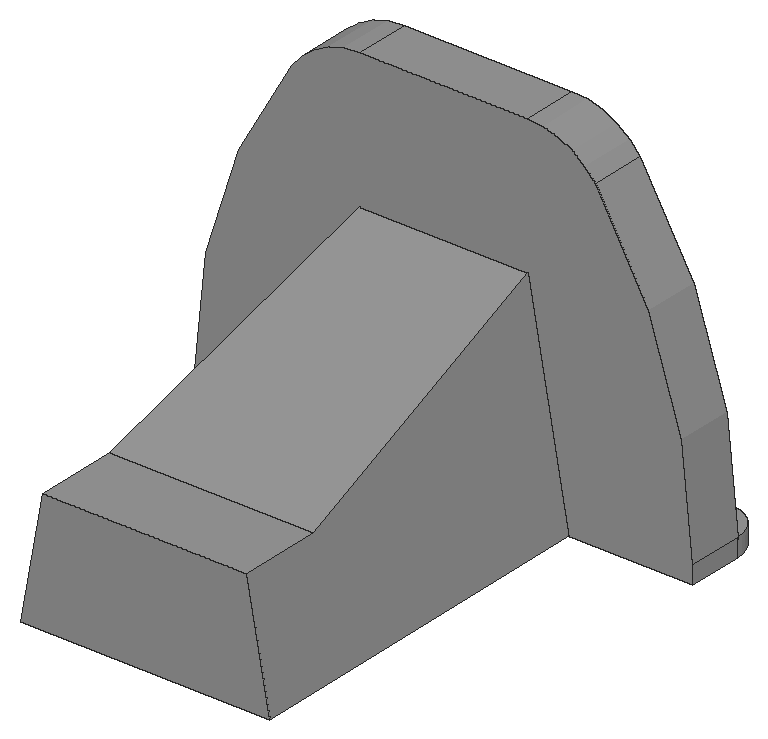
Revit family "3_Station-Wash_Fountain-Willoughby-WAF-3300-JR", category Plumbing Fixtures, Revit 2015
Parameters (values of type "Standard")
  Waste DIA = 1 1/2"
  Waste Connection = yes
  Vent Connection = no
  URL = "https://www.willoughby-ind.com/wp-content/uploads/2018/01/WAF-3300.pdf"
  Revision = "A"
  Model = "WAF-3300-JR"
  Manufacturer = "Willoughby Industries"
  Lav Waste RAD = Waste DIA / 2  # 3/4"
  HW inlet RAD = CW Inlet DIA / 2  # 1/4"
  HW Inlet DIA = 1/2"
  HW Connection = yes
  Fixture Body = Stainless Steel AISI 304-Willoughby
  Description = "3 station washfountain, Floor Mounted, Junior Height"
  Default Elevation = 0' - 0"
  Contact Info = "(800) 428-4065"
  CW inlet RAD = HW Inlet DIA / 2  # 1/4"
  CW Inlet DIA = 1/2"
  CW Connection = yes
  AquaSurf Solid surface = Solid Surface Acrylic Resin-Willoughby
Reference planes (in)
  plane 1 "Center (Front/Back)": y = 0
  plane 2: z = 0
  plane 3 "Center (Left/Right)": x = 0
  plane 4: y = 34
  plane 5: y = 20.5
  plane 6: x = -1
  plane 7: x = -5
  plane 8: y = 23.5
  plane 9: z = 3
Forms (in)
  Extrusion 1, solid, material "Solid Surface Acrylic Resin-Willoughby" <- "AquaSurf Solid surface"
    sketch origin (0, 0, 0) x (1, 0, 0) y (0, 0, 1)
      loop
        line (18, 0) -> (18, 1.3125)
        arc (18, 1.3125) -> (16.19686, 12.93507) -> (10.95696, 23.46497) r 38.35959
        arc (10.95696, 23.46497) -> (8.81633, 25.32869) -> (6.05859, 26) r 6
        line (6.05859, 26) -> (-6.05859, 26)
        arc (-6.05859, 26) -> (-8.81633, 25.32869) -> (-10.95696, 23.46497) r 6
        arc (-10.95696, 23.46497) -> (-16.19686, 12.93507) -> (-18, 1.3125) r 38.35959
        line (-18, 1.3125) -> (-18, 0) -> (18, 0)
    from -34 to -30
  Extrusion 2, solid, material "Solid Surface Acrylic Resin-Willoughby" <- "AquaSurf Solid surface", detail levels medium+fine
    sketch origin (0, 0, 0) x (1, 0, 0) y (0, 1, 0)
      loop
        line (6.25, 37.5) -> (-6.25, 37.5) -> (-15.60543, 36.68151)
        arc (-15.60543, 36.68151) -> (-17.312, 35.83992) -> (-18.00165, 34.06649) r 2.625
        line (-18.00165, 34.06649) -> (-18.00165, 34) -> (18.00165, 34) -> (18.00165, 34.06649)
        arc (18.00165, 34.06649) -> (17.312, 35.83992) -> (15.60543, 36.68151) r 2.625
        line (15.60543, 36.68151) -> (6.25, 37.5)
    from 0 to 1.3125
  Extrusion 3, void, detail levels fine
    sketch origin (0, 0, 0) x (1, 0, 0) y (0, 0, 1)
      loop
        arc (-4.80741, 8.48537) -> (-4.46062, 9.06188) -> (-3.82704, 9.2882) r 1
        line (-3.82704, 9.2882) -> (3.82704, 9.2882)
        arc (3.82704, 9.2882) -> (4.46062, 9.06188) -> (4.80741, 8.48537) r 1
        line (4.80741, 8.48537) -> (6.14944, 1.8125) -> (15.99656, 1.8125)
        arc (15.99656, 1.8125) -> (14.2143, 12.56708) -> (9.32417, 22.30998) r 36.35959
        arc (9.32417, 22.30998) -> (7.89708, 23.55246) -> (6.05859, 24) r 4
        line (6.05859, 24) -> (-6.05859, 24)
        arc (-6.05859, 24) -> (-7.89708, 23.55246) -> (-9.32417, 22.30998) r 4
        arc (-9.32417, 22.30998) -> (-14.2143, 12.56708) -> (-15.99656, 1.8125) r 36.35959
        line (-15.99656, 1.8125) -> (-6.14944, 1.8125) -> (-4.80741, 8.48537)
    from -34 to -31.04074
  Extrusion 4, solid, material "Solid Surface Acrylic Resin-Willoughby" <- "AquaSurf Solid surface", detail levels medium+fine
    sketch origin (0, 0, 0) x (1, 0, 0) y (0, 0, 1)
      loop
        line (6.25, 1.3125) -> (4.16146, 11.69717)
        arc (4.16146, 11.69717) -> (3.81467, 12.27368) -> (3.18109, 12.5) r 1
        line (3.18109, 12.5) -> (-3.69111, 12.5)
        arc (-3.69111, 12.5) -> (-4.32468, 12.27368) -> (-4.67147, 11.69717) r 1
        line (-4.67147, 11.69717) -> (-6.25, 3.84839) -> (-6.25, 0) -> (6.25, 0) -> (6.25, 1.3125)
    from -38.6875 to -34
  Extrusion 5, solid, material "Solid Surface Acrylic Resin-Willoughby" <- "AquaSurf Solid surface", detail levels medium+fine
    sketch origin (0, 0, 0) x (1, 0, 0) y (0, 0, 1)
      loop
        line (-6.75, 0) -> (6.75, 0) -> (6.75, 1.36228) -> (4.57092, 12.19717)
        arc (4.57092, 12.19717) -> (4.22412, 12.77368) -> (3.59055, 13) r 1
        line (3.59055, 13) -> (-3.59055, 13)
        arc (-3.59055, 13) -> (-4.22412, 12.77368) -> (-4.57092, 12.19717) r 1
        line (-4.57092, 12.19717) -> (-6.75, 1.36228) -> (-6.75, 0)
    from -39.5 to -38.6875
  Extrusion 6, solid, material "Stainless Steel AISI 304-Willoughby" <- "Fixture Body"
    sketch origin (0, 0, 0) x (0, 1, 0) y (0, 0, 1)
      loop
        line (3, 0) -> (30, 0) -> (30, 16) -> (9, 8.875) -> (3, 8.875) -> (3, 0)
    from -9 to 9
  Extrusion 7, void, detail levels fine
    sketch origin (0, 0, 0) x (1, 0, 0) y (0, 0, 1)
      loop
        line (-6.0625, 16) -> (-10.92772, 16) -> (-10.92772, 0) -> (-9, 0) -> (-6.0625, 16)
    from -30 to -3
  Extrusion 8, void, detail levels fine
    sketch origin (0, 0, 0) x (-1, 0, 0) y (0, 0, -1)
      loop
        line (-6.0625, -16) -> (-9, 0) -> (-10.92772, 0) -> (-10.92772, -16) -> (-6.0625, -16)
    from -30 to -3
  Extrusion 9, solid, material "Stainless Steel AISI 304-Willoughby" <- "Fixture Body", detail levels fine
    sketch origin (0, 0, 0) x (1, 0, 0) y (0, 1, 0)
      loop
        circle (0, 36.04123) r 0.75
    from 12.5 to 13.26649
  Extrusion 10, solid, material "Stainless Steel AISI 304-Willoughby" <- "Fixture Body", detail levels fine
    sketch origin (-7.29933, 0, 5.28548) x (0.197169, 0, -0.980369) y (0, 1, 0)
      loop
        circle (0, 36.04123) r 0.75
    from 12.5 to 13.25086
  Extrusion 11, solid, material "Stainless Steel AISI 304-Willoughby" <- "Fixture Body", detail levels fine
    sketch origin (7.29933, 0, 5.28548) x (-0.197169, 0, -0.980369) y (0, -1, 0)
      loop
        circle (0, -36.04123) r 0.75
    from 12.5 to 13.25598
  Extrusion 12, solid, detail levels fine
    sketch origin (0, 0, 0) x (1, 0, 0) y (0, 1, 0)
      loop
        circle (-1, 20.5) r 0.25
    from 3 to 4.28228
  Extrusion 13, solid, detail levels fine
    sketch origin (-4, 0, 0) x (1, 0, 0) y (0, 1, 0)
      loop
        circle (-1, 20.5) r 0.25
    from 3 to 4.28228
  Extrusion 14, solid, material "Stainless Steel AISI 304-Willoughby" <- "Fixture Body", detail levels fine
    sketch origin (0, 0, 0) x (1, 0, 0) y (0, 1, 0)
      loop
        circle (0, 23.5) r 0.75
    from 3 to 4.28228
Cuts and joins
  Extrusion 7, Extrusion 8 cuts Extrusion 6
  Extrusion 8 cuts Extrusion 4
  Extrusion 8 cuts Extrusion 2
  Extrusion 3 cuts Extrusion 1
Lines and regions (in)
  symbolic lines
    curve 1: line (9, 0, 0) -> (-9, 0, 0)
    curve 2: line (-9, 0, 0) -> (-9, 30, 0)
    curve 3: line (9, 30, 0) -> (9, 0, 0)
    curve 4: line (18, 34, 0) -> (18, 30, 0)
    curve 5: line (18, 30, 0) -> (-18, 30, 0)
    curve 6: line (-18, 30, 0) -> (-18, 34, 0)
    curve 7: arc (-18, 34, 0) -> (-17.31423, 35.79753, 0) -> (-15.60543, 36.68151, 0) r 2.6987
    curve 8: line (-15.60543, 36.68151, 0) -> (-6.25, 37.5, 0)
    curve 9: line (-6.25, 37.5, 0) -> (6.25, 37.5, 0)
    curve 10: line (6.25, 37.5, 0) -> (15.60543, 36.68151, 0)
    curve 11: arc (15.60543, 36.68151, 0) -> (17.33404, 35.81522, 0) -> (18, 34, 0) r 2.62414
    curve 24: line (-18.00165, 0, 0) -> (18.00165, 0, 0)
    curve 25: line (18.00165, 0, 0) -> (18.00165, 0, 1.3125)
    curve 27: line (-18.00165, 0, 1.3125) -> (-18.00165, 0, 0)
    curve 29: line (6.05859, 0, 26) -> (-6.05859, 0, 26)
    curve 30: arc (6.44975, 0, 25.98724) -> (8.98865, 0, 25.23591) -> (10.95696, 0, 23.46497) r 6
    curve 31: arc (10.95696, 0, 23.46497) -> (16.1973, 0, 12.93507) -> (18.00165, 0, 1.3125) r 38.36858
    curve 32: arc (-6.05859, 0, 26) -> (-8.81633, 0, 25.32869) -> (-10.95696, 0, 23.46497) r 6
    curve 33: arc (-10.95696, 0, 23.46497) -> (-16.1973, 0, 12.93507) -> (-18.00165, 0, 1.3125) r 38.36858
    curve 46: line (0, 0, 0) -> (0, 39.5, 0)
    curve 49: line (0, 38.6875, 12.5) -> (0, 38.6875, 0)
    curve 51: line (0, 38.6875, 1.3125) -> (0, 34, 1.3125)
    curve 52: line (0, 38.6875, 3.84839) -> (0, 34, 3.84839)
    curve 53: line (0, 38.6875, 12.5) -> (0, 34, 12.5)
    curve 54: line (0, 34, 26) -> (0, 34, 0)
    curve 60: line (0, 34, 26) -> (0, 30, 26)
    curve 61: line (0, 30, 26) -> (0, 30, 0)
    curve 62: line (0, 34, 1.8125) -> (0, 31.04074, 1.8125)
    curve 63: line (0, 31.04074, 1.8125) -> (0, 31.04074, 24)
    curve 64: line (0, 31.04074, 24) -> (0, 34, 24)
    curve 65: line (0, 31.04074, 9.2882) -> (0, 34, 9.2882)
    curve 66: line (0, 30, 16) -> (0, 9, 8.875)
    curve 67: line (0, 9, 8.875) -> (0, 0, 8.875)
    curve 68: line (0, 0, 8.875) -> (0, 0, 0)
  symbolic lines, detail levels fine
    curve 12: line (6.25, 37.5, 0) -> (6.25, 38.6875, 0)
    curve 13: line (-6.25, 37.5, 0) -> (-6.25, 38.6875, 0)
    curve 14: line (6.75, 38.6875, 0) -> (-6.75, 38.6875, 0)
    curve 15: line (-6.75, 38.6875, 0) -> (-6.75, 39.5, 0)
    curve 16: line (-6.75, 39.5, 0) -> (6.75, 39.5, 0)
    curve 17: line (6.75, 39.5, 0) -> (6.75, 38.6875, 0)
    curve 39: line (6.75, 0, 0) -> (6.75, 0, 1.36228)
    curve 40: line (6.75, 0, 1.36228) -> (4.57092, 0, 12.19717)
    curve 41: line (3.76809, 0, 13) -> (-3.59055, 0, 13)
    curve 42: line (-4.61561, 0, 11.97494) -> (-6.76001, 0, 1.3125)
    curve 43: arc (4.57092, 0, 12.19717) -> (4.33577, 0, 12.76486) -> (3.76809, 0, 13) r 0.80283
    curve 44: arc (-3.59055, 0, 13) -> (-4.31538, 0, 12.69977) -> (-4.61561, 0, 11.97494) r 1.02506
    curve 45: line (-6.76001, 0, 1.3125) -> (-6.76001, 0, 0)
    curve 55: line (0, 36.79123, 13.26649) -> (0, 36.79123, 12.5)
    curve 56: line (0, 36.79123, 13.26649) -> (0, 35.29123, 13.26649)
    curve 57: line (0, 35.29123, 13.26649) -> (0, 35.29123, 12.5)
    curve 58: arc (0, 36.81398, 7.87474) -> (0, 36.06398, 7.12474) -> (0, 35.31398, 7.87474) r 0.75
    curve 59: arc (0, 35.31398, 7.87474) -> (0, 36.06398, 8.62474) -> (0, 36.81398, 7.87474) r 0.75
  symbolic lines, detail levels medium+fine
    curve 18: line (18, 34, 0) -> (-18, 34, 0)
    curve 19: line (-6.0625, 30, 0) -> (-7.37061, 9, 0)
    curve 20: line (-7.37061, 9, 0) -> (-7.37061, 0, 0)
    curve 21: line (7.37061, 0, 0) -> (7.37061, 9, 0)
    curve 22: line (7.37061, 9, 0) -> (6.0625, 30, 0)
    curve 23: line (7.37061, 9, 0) -> (-7.37061, 9, 0)
    curve 26: line (18.00165, 0, 1.3125) -> (-18.00165, 0, 1.3125)
    curve 28: line (6.05859, 0, 24) -> (-6.05859, 0, 24)
    curve 34: arc (6.05859, 0, 24) -> (7.89708, 0, 23.55246) -> (9.32417, 0, 22.30998) r 4
    curve 35: arc (9.32417, 0, 22.30998) -> (14.2143, 0, 12.56708) -> (15.99656, 0, 1.8125) r 36.35959
    curve 36: line (15.99656, 0, 1.8125) -> (-15.99656, 0, 1.8125)
    curve 37: arc (-15.99656, 0, 1.8125) -> (-14.2143, 0, 12.56708) -> (-9.32417, 0, 22.30998) r 36.35959
    curve 38: arc (-9.32417, 0, 22.30998) -> (-7.89708, 0, 23.55246) -> (-6.05859, 0, 24) r 4
    curve 47: line (0, 39.5, 0) -> (0, 39.5, 13)
    curve 48: line (0, 39.5, 13) -> (0, 38.6875, 13)
    curve 50: line (0, 39.5, 1.36228) -> (0, 38.6875, 1.36228)
    curve 69: line (0, 38.6875, 12.5) -> (0, 38.6875, 13)
Dimensions and locks (in)
  locked: Extrusion 1 to Extrusion 1 at 4
  plane 1 "Center (Front/Back)" to cut or joined group of Extrusion 1, Extrusion 3 = 2' - 6"
  aligned and locked: plane 4 to Extrusion 1
  aligned and locked: plane 9 to Extrusion 12
  aligned and locked: cut or joined group of Extrusion 2, Extrusion 8 to cut or joined group of Extrusion 2, Extrusion 8  (x3)
  aligned and locked: cut or joined group of Extrusion 2, Extrusion 8 to level
  aligned and locked: Extrusion 5 to cut or joined group of Extrusion 4, Extrusion 8
  aligned and locked: cut or joined group of Extrusion 1, Extrusion 3 to cut or joined group of Extrusion 1, Extrusion 3  (x2)
Connectors (in)
  piping at (-1, 20.5, 3), diameter 0.5, driven by "CW inlet RAD", driven by "CW Connection"
    settings: on Extrusion 12, index 1, connector inside diameter 1/2", connector length 0' - 0", flow factor 0, pipe flow 0 GPM, pressure drop 0.00 psi, fitting loss kfactor 0, connector angle 0.00°, fixture units 0, engagement length 0' - 0", angle of deflection 0.00°, flow configuration 0, flow direction 1, fitting loss method 0, system type 20, joint type 0, gender type 0, connector reference index -1, connector utility 1, adjustable connector no, is connector primary yes, connector description "Washfountain CW Supply"
  piping at (-5, 20.5, 3), diameter 0.5, driven by "HW inlet RAD", driven by "HW Connection"
    settings: on Extrusion 13, index 2, connector inside diameter 1/2", connector length 0' - 0", flow factor 0, pipe flow 0 GPM, pressure drop 0.00 psi, fitting loss kfactor 0, connector angle 0.00°, fixture units 0, engagement length 0' - 0", angle of deflection 0.00°, flow configuration 0, flow direction 1, fitting loss method 0, system type 19, joint type 0, gender type 0, connector reference index -1, connector utility 1, adjustable connector no, is connector primary no, connector description "Washfountain HW Supply"
  piping at (0, 23.5, 3), diameter 1.5, driven by "Waste Connection", driven by "Lav Waste RAD"
    settings: on Extrusion 14, index 3, connector inside diameter 1 1/2", connector length 0' - 0", flow factor 0, pipe flow 0 GPM, pressure drop 0.00 psi, fitting loss kfactor 0, connector angle 0.00°, fixture units 0, engagement length 0' - 0", angle of deflection 0.00°, flow configuration 0, flow direction 2, fitting loss method 0, system type 16, joint type 0, gender type 0, connector reference index -1, connector utility 1, adjustable connector yes, is connector primary no, connector description "Washfountain Drain"
